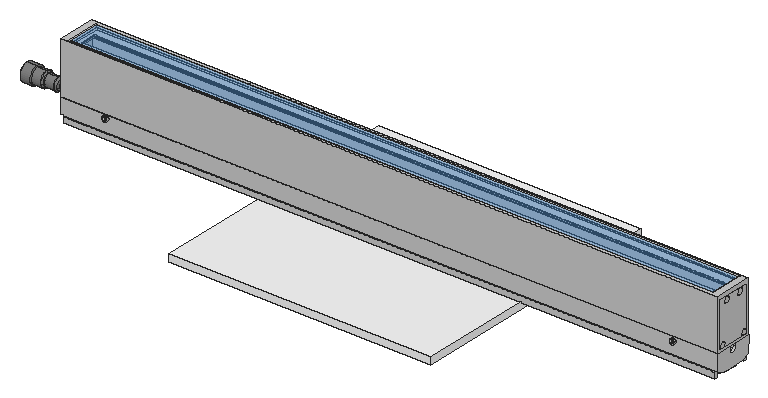
Revit family "BE_77153_de_DE", category Leuchten, Revit 2020
Family settings
  Basisbauteil = Fläche
  Bemaßung runder Anschluss = Durchmesser verwenden
  Teiletyp = Normal
  Beim Laden mit Abzugskörper schneiden = Ja
  Lichtquelle = Ja
  Gemeinsam genutzt = Nein
  Raumberechnungspunkt = Ja
Parameters (values of type "BEGA_77153_Silber_K4")
  built-in parameter 1150104 = 13.686 (stored number, unit not read)
  Wattage = 33.6 W
  Default Elevation = 0 mm
  built-in parameter 1150113 = 1 (stored number, unit not read)
  built-in parameter 1114218 = 1 (stored number, unit not read)
  Umgebungstemperatur = "25 °C"
  URL = "https://www.bega.com/de/produkt/77153"
  Typenkommentare = "© 2022 BEGA. Wir behalten uns das Recht vor, technische Änderungen ohne vorherige Ankündigung vorzunehmen."  # constant formula
  Type Image = 77153.png
  built-in parameter 1150134 = 12
  built-in parameter 1150109 = 1 (stored number, unit not read)
  Strom = ""
  built-in parameter 1150110 = 1 (stored number, unit not read)
  Spannung = 239.996 V
  Sonderanfertigung = no
  Sockeltyp = ""
  Sockelanzahl = ""
  Seriennummer [instance] = "Hier können Sie die eindeutige Seriennummer für das Facility Management eintragen."
  Schutzklasse = "I"
  Schutzart = "IP 65"
  Scheinlast = 0 VA
  Produktdatenblatt = "https://cdn.bega.com/bega/products/77153AK3/current/documents/data-sheets/de"
  Oberflächentemperatur = ""
  Neigungswinkel = 0.00°
  Modell = "77153AK4"
  Material_18 = BEGA_Gummi_schwarz
  Material_17 = BEGA_Reflektor
  Material_15 = BEGA_Leuchtmedium_matt
  Material_11 = BEGA_Glas_opal
  Material_10 = BEGA_Glas_matt
  Material_09 = BEGA_Glas_klar
  Material_06 = BEGA_Oberfläche_Edelstahl_gebürstet
  Material_04 = BEGA_Kunststoff_Grafit_matt
  Material_03 = BEGA_Oberfläche_Weiss_matt
  Material_02 = BEGA_Oberfläche_Silber_matt
  Material_01 [instance] = BEGA_Oberfläche_Grafit_matt
  M_W = no
  M_G = no
  M_A = yes
  Logo = 0
  built-in parameter 1114217 = 1 (stored number, unit not read)
  built-in parameter 1150139 = (empty or 0)
  built-in parameter 1150105 = 393.9 (stored number, unit not read)
  built-in parameter 1150114 = 1 (stored number, unit not read)
  Lumens = 4949.95 lm
  built-in parameter 1150115 = 1 (stored number, unit not read)
  Leuchtenlichtstrom = "2815 lm"
  Leuchtenanzahl = ""
  Lebensdauerkriterien = "L70B50 @ 25 °C = 200000 h"
  Lastklassifizierung = Beleuchtung
  built-in parameter 1150112 = 1 (stored number, unit not read)
  Lampenlichtstrom = "5020 lm"
  Lampe = "LED 25.2 W"
  LED_Modulbezeichnung = "2x LED-0928/840"
  built-in parameter 1150142 = (empty or 0)
  Hersteller = "BEGA"  # constant formula
  Halbstreuwinkel = ""
  Gewicht = "5.5 kg"
  Gebrauchslageneinschränkung [instance] = ""
  Frequenz = "0/50-60 Hz"
  Farbwiedergabeindex = "CRI > 80"
  Farbtemperaturverschiebung bei Dämpfen der Lampe = <Keine Auswahl>
  Farbtemperatur = "4000 K"
  Color Filter = 16777215
  built-in parameter 1150133 = 10 (stored number, unit not read)
  Energieeffizienzklasse = "LED A++ - A"
  built-in parameter 1150137 = (empty or 0)
  built-in parameter 1150132 = (empty or 0)
  ENEC = "ja"
  Dimmbar [instance] = "DALI"
  Datei für fotometrisches Netz = "BE_77153K4.IES"
  CE_Konformität = "ja"
  Bestellnummer = "77153AK4"
  Beschreibung_Sonderanfertigung = "Hier können Sie Informationen zur Sonderanfertigung eintragen."
  Beschreibung = "Fassadenscheinwerfer"
  built-in parameter 1150106 = 3.939 (stored number, unit not read)
  Befestigungsbohrung = "Ø 7 mm"
  Befestigungsabstand = "875 mm"
  Ballwurfsicher = ""
  BEGA_Intern_aus = yes
  BEGA_Intern_an = yes
  BEGA_Intern_Konstruktion = yes
  BEGA_Intern = yes
  BEGA_IES = yes
  BEGA_Dummy = no
  Anschlussleitung = "0.5 m X05BQ-F 5 G 1 mm²"
  Anschlussleistung [instance] = "28 W"
  Anschlusskasten = ""
  built-in parameter 1150107 = 4000 (stored number, unit not read)
  built-in parameter 1150102 = (empty or 0)
  built-in parameter 1150138 = (empty or 0)
  Aktualisierung = "2022-05-19T04:00:07"
  Abstand_zur_angestrahlten_Fläche [instance] = ""
  AC/DC = "AC/DC"
Types (4, lengths in mm): name | built-in parameter 1150104 | built-in parameter 1150134 | Modell | M_G | M_A | built-in parameter 1150105 | Lumens | Leuchtenlichtstrom | Lampenlichtstrom | LED_Modulbezeichnung | Farbtemperatur | Datei für fotometrisches Netz | Bestellnummer | built-in parameter 1150106 | built-in parameter 1150107
  BEGA_77153_Silber_K4 | 13.686 (stored number, unit not read) | 12 | "77153AK4" | no | yes | 393.9 (stored number, unit not read) | 4949.95 lm | "2815 lm" | "5020 lm" | "2x LED-0928/840" | "4000 K" | "BE_77153K4.IES" | "77153AK4" | 3.939 (stored number, unit not read) | 4000 (stored number, unit not read)
  BEGA_77153_Grafit_K4 | 13.686 (stored number, unit not read) | 12 | "77153K4" | yes | no | 393.9 (stored number, unit not read) | 4949.95 lm | "2815 lm" | "5020 lm" | "2x LED-0928/840" | "4000 K" | "BE_77153K4.IES" | "77153K4" | 3.939 (stored number, unit not read) | 4000 (stored number, unit not read)
  BEGA_77153_Silber_K3 | 12.525 (stored number, unit not read) | (empty or 0) | "77153AK3" | no | yes | 360.48 (stored number, unit not read) | 4529.95 lm | "2743 lm" | "4890 lm" | "2x LED-0928/830" | "3000 K" | "BE_77153K3.IES" | "77153AK3" | 3.6048 (stored number, unit not read) | 3000 (stored number, unit not read)
  BEGA_77153_Grafit_K3 | 12.525 (stored number, unit not read) | (empty or 0) | "77153K3" | yes | no | 360.48 (stored number, unit not read) | 4529.95 lm | "2743 lm" | "4890 lm" | "2x LED-0928/830" | "3000 K" | "BE_77153K3.IES" | "77153K3" | 3.6048 (stored number, unit not read) | 3000 (stored number, unit not read)
Reference planes
  plane 1 "Mitte (Vorne/Hinten)": y = 0
  plane 2: z = 0
  plane 3 "Mitte (Links/Rechts)": x = 0
  plane 4 "Links": x = -500
  plane 5 "Rechts": x = 500
  plane 6 "Unten": y = -29
  plane 7 "Oben": y = 29
  plane 8 "Vorne": z = 113.3
  plane 9 "Hinten": z = 0
Forms (mm)
  Extrusion 1, solid, material "BEGA_Platte_Weiss"
    sketch origin (0, -1119.2, 0) x (1, 0, 0) y (0, 1, 0)
      loop
        line (-200, 1319.2) -> (-200, 919.2) -> (200, 919.2) -> (200, 1319.2) -> (-200, 1319.2)
    from 0 to -10
  Extrusion 2, solid, material "BEGA_Dummy_matt", visible <- "BEGA_Dummy"
    sketch origin (80.095, -76.023, 0) x (1, 0, 0) y (0, 1, 0)
      loop
        line (-580.095, 105.023) -> (-580.095, 47.023) -> (419.905, 47.023) -> (419.905, 105.023) -> (-580.095, 105.023)
    from 0 to 113.3
Dimensions and locks
  plane 1 "Mitte (Vorne/Hinten)" to Extrusion 1 = 200 mm
  aligned and locked: plane 2 to Extrusion 1
  aligned and locked: level to Extrusion 1
Nested families
  nested 1: "BE_77153_Scheinwerfer" at (0, 0, 0), type "BE_77153_Scheinwerfer"
Connectors
  electrical at (0, 0, 0), driven by "Lastklassifizierung", driven by "Spannung", driven by "Scheinlast"
    settings: index 1, voltage 239.996 V, apparent load 0 VA, apparent load phase1 0 VA, apparent load phase2 0 VA, apparent load phase3 0 VA, power factor 1, load classification "Beleuchtung", number of poles 1, system type 31, power factor state 1, is connector primary yes, connector utility no, sub classification motor no, connector description ""
Definition of nested family "BE_77153_Scheinwerfer"
  Parameters (values of type "BE_77153_Scheinwerfer")
    Default Elevation = 1 mm
    URL = "http://www.bega.de/de/produkt"
    Type Comments = "© 2015 BEGA. Wir behalten uns das Recht vor, technische Änderungen ohne vorherige Ankündigung vorzunehmen. "  # constant formula
    Type Image = (empty or 0)
    Material_18 = none
    Material_17 = none
    Material_15 = none
    Material_11 = none
    Material_10 = none
    Material_09 = none
    Material_06 = none
    Material_04 = none
    Material_03 = none
    Material_02 = none
    Material_01 = none
    M_W = yes
    M_G = yes
    M_A = yes
    Länge_Platte = 1200 mm  # constant formula
    Höhe_Platte = -10 mm  # constant formula
    Manufacturer = "BEGA"  # constant formula
    Breite_Platte = 200 mm  # constant formula
  Reference planes
    plane 1 "Mitte (Oben/Unten)": y = 0
    plane 2: z = 0
    plane 3 "Mitte (Links/Rechts)": x = 0
    plane 4: z = 113.3
    plane 5: y = -29
    plane 6: y = 29
    plane 7: x = -581.9
    plane 8: x = 500
  Forms (mm)
    Extrusion 1, solid, detail levels medium
      sketch origin (0, 0, 0) x (1, 0, 0) y (0, 1, 0)
        loop
          line (-600, 100) -> (-600, -100) -> (600, -100) -> (600, 100) -> (-600, 100)
      from 0 to -10 <- "Höhe_Platte"
    Extrusion 2, solid, material <- "Material_01", visible <- "M_G", detail levels medium+fine
      sketch origin (0, 0, 0) x (0, 1, 0) y (0, 0, 1)
        loop
          line (-29, 0) -> (-26.3, 0) -> (-26.3, 4.91)
          arc (-26.3, 4.91) -> (-26.086, 5.32) -> (-25.627, 5.379) r 0.5
          arc (-25.627, 5.379) -> (-17.92, 3.003) -> (-10, 1.479) r 74
          line (-10, 1.479) -> (-10, 0.2) -> (10, 0.2) -> (10, 1.482)
          arc (10, 1.482) -> (17.921, 3.006) -> (25.629, 5.383) r 73.998
          arc (25.629, 5.383) -> (26.086, 5.326) -> (26.299, 4.918) r 0.497
          line (26.299, 4.918) -> (26.299, 0) -> (29, 0) -> (29, 8.899)
          arc (29, 8.899) -> (28.775, 9.317) -> (28.302, 9.358) r 0.5
          arc (28.302, 9.358) -> (0, 3.5) -> (-28.301, 9.358) r 71.3
          arc (-28.301, 9.358) -> (-28.774, 9.317) -> (-29, 8.899) r 0.5
          line (-29, 8.899) -> (-29, 0)
      from -496 to 496
    Extrusion 3, solid, material <- "Material_01", visible <- "M_G", detail levels medium+fine
      sketch origin (0, 0, 0) x (0, 1, 0) y (0, 0, 1)
        loop
          arc (-29, 9.993) -> (0, 3.8) -> (29, 9.993) r 71
          line (29, 9.993) -> (29, 34.8) -> (25.401, 34.8) -> (25.401, 12.395)
          arc (25.401, 12.395) -> (0, 7.696) -> (-25.401, 12.395) r 71
          line (-25.401, 12.395) -> (-25.401, 34.8) -> (-29, 34.8) -> (-29, 9.993)
      from -496 to 496
    Sweep 4, solid, material <- "Material_01", visible <- "M_G", detail levels medium+fine
      path origin (0, 0, 0) x (1, 0, 0) y (0, 1, 0)
        loop
          line (-500, 29) -> (-500, -29) -> (500, -29) -> (500, 29) -> (-500, 29)
      profile origin (-500, 0, 0) x (1, 0, 0) y (0, 0, 1)
        loop
          line (0, 113.3) -> (0, 34.8) -> (11, 34.8) -> (11, 40.679) -> (3.5, 40.679) -> (3.5, 103.406) -> (17.035, 103.406)
          arc (17.035, 103.406) -> (17.719, 103.711) -> (18, 104.406) r 1
          line (18, 104.406) -> (18, 105.896)
          arc (18, 105.896) -> (17.713, 106.596) -> (17.017, 106.895) r 1
          line (17.017, 106.895) -> (11.125, 106.895) -> (8.794, 113.3) -> (0, 113.3)
    Extrusion 5, void
      sketch origin (239, 0, 0) x (1, 0, 0) y (0, 0, 1)
        loop
          line (261, 37.756) -> (261, 107.746) -> (258.218, 107.746) -> (258.218, 37.756) -> (261, 37.756)
      from -26.267 to 26.244
    Extrusion 6, solid, material <- "Material_01", visible <- "M_G", detail levels medium+fine
      sketch origin (239, 0, 0) x (1, 0, 0) y (0, 0, 1)
        loop
          line (261, 106.748) -> (258.218, 106.748) -> (258.218, 38.353) -> (261, 38.353) -> (261, 106.748)
      from -25.5 to 25.5
    Extrusion 7, solid, material <- "Material_01", visible <- "M_G", detail levels medium+fine
      sketch origin (0, 0, 0) x (0, 1, 0) y (0, 0, 1)
        loop
          line (-29, 34.8) -> (-29, 9.993)
          arc (-29, 9.993) -> (0, 3.8) -> (29, 9.993) r 71
          line (29, 9.993) -> (29, 34.8) -> (6, 34.8) -> (6, 29.8)
          arc (6, 29.8) -> (0, 23.8) -> (-6, 29.8) r 6
          line (-6, 29.8) -> (-6, 34.8) -> (-29, 34.8)
      from 496 to 500
    Extrusion 8, solid, material <- "Material_01", visible <- "M_G", detail levels medium+fine
      sketch origin (-239, 0, 0) x (0, 1, 0) y (0, 0, -1)
        loop
          line (-29, -34.8) -> (-6, -34.8) -> (-6, -29.8)
          arc (-6, -29.8) -> (0, -23.8) -> (6, -29.8) r 6
          line (6, -29.8) -> (6, -34.8) -> (29, -34.8) -> (29, -10.487)
          arc (29, -10.487) -> (0, -4.294) -> (-29, -10.487) r 71
          line (-29, -10.487) -> (-29, -34.8)
      from 257 to 261
    Extrusion 9, void
      sketch origin (0, 0, 0) x (1, 0, 0) y (0, 1, 0)
        loop
          circle (0, 0) r 7.5
        loop
          circle (-440, 0) r 3.5
        loop
          circle (440, 0) r 3.5
      from 0 to 10
    Revolve 10, solid, material <- "Material_01", visible <- "M_G", detail levels medium+fine
      sketch origin (-432, 0, 0) x (0, 1, 0) y (0, 0, 1)
        loop
          line (-31.453, 32.75) -> (-31.453, 31.8) -> (-27.5, 31.8) -> (-27.5, 32.75) -> (-31.453, 32.75)
        axis (-31.453, 28.8) -> (-27.5, 28.8)
      angle from 0 to 360
    Revolve 11, solid, material <- "Material_01", visible <- "M_G", detail levels medium+fine
      sketch origin (432, 0, 0) x (0, 1, 0) y (0, 0, -1)
        loop
          line (-31.453, -32.75) -> (-27.5, -32.75) -> (-27.5, -31.8) -> (-31.453, -31.8) -> (-31.453, -32.75)
        axis (-31.453, -28.8) -> (-27.5, -28.8)
      angle from 0 to 360
    Revolve 12, solid, material <- "Material_06", detail levels fine
      sketch origin (-432, 0, 0) x (0, 1, 0) y (0, 0, 1)
        loop
          line (-30.053, 31.8) -> (-30.053, 28.8) -> (-26.193, 28.8) -> (-26.193, 31.8) -> (-30.053, 31.8)
        axis (-30.053, 28.8) -> (-26.193, 28.8)
      angle from 0 to 360
    Revolve 13, solid, material <- "Material_06", detail levels fine
      sketch origin (432, 0, 0) x (0, 1, 0) y (0, 0, -1)
        loop
          line (-30.053, -31.8) -> (-26.193, -31.8) -> (-26.193, -28.8) -> (-30.053, -28.8) -> (-30.053, -31.8)
        axis (-30.053, -28.8) -> (-26.193, -28.8)
      angle from 0 to 360
    Revolve 14, solid, material <- "Material_04", detail levels medium+fine
      sketch origin (-239, 0, 0) x (1, 0, 0) y (0, 0, 1)
        loop
          line (-320.8, 43.3) -> (-335.5, 43.3) -> (-336.7, 42.1) -> (-336.7, 32.8) -> (-342.9, 32.8) -> (-342.9, 29.8) -> (-260.5, 29.8) -> (-260.5, 34.15) -> (-284, 34.15) -> (-284, 37.8) -> (-287, 39.3) -> (-288, 39.3)
          arc (-288, 39.3) -> (-288.146, 38.947) -> (-288.5, 38.8) r 0.5
          line (-288.5, 38.8) -> (-302.464, 38.8)
          arc (-302.464, 38.8) -> (-303.418, 38.99) -> (-304.228, 39.528) r 2.5
          line (-304.228, 39.528) -> (-305.707, 41.008)
          arc (-305.707, 41.008) -> (-306.032, 41.224) -> (-306.414, 41.3) r 1
          line (-306.414, 41.3) -> (-320, 41.3) -> (-320, 39.8) -> (-320.8, 39.8) -> (-320.8, 43.3)
        axis (-342.9, 29.8) -> (-260.5, 29.8)
      angle from 0 to 360
    Revolve 15, void
      sketch origin (239, -12.5, -0.101) x (1, 0, 0) y (0, 0, 1)
        loop
          line (261.225, 106.482) -> (258.494, 103.752) -> (258.494, 101.902) -> (261.225, 101.902) -> (261.225, 106.482)
        axis (258.494, 101.902) -> (261.225, 101.902)
      angle from 0 to 360
    Revolve 16, void
      sketch origin (239, 12.5, -0.101) x (1, 0, 0) y (0, 0, -1)
        loop
          line (261.225, -106.482) -> (261.225, -101.902) -> (258.494, -101.902) -> (258.494, -103.752) -> (261.225, -106.482)
        axis (258.494, -101.902) -> (261.225, -101.902)
      angle from 0 to 360
    Revolve 17, void
      sketch origin (239, -20.5, -58.602) x (1, 0, 0) y (0, 0, 1)
        loop
          line (261.225, 106.482) -> (258.494, 103.752) -> (258.494, 101.902) -> (261.225, 101.902) -> (261.225, 106.482)
        axis (258.494, 101.902) -> (261.225, 101.902)
      angle from 0 to 360
    Revolve 18, void
      sketch origin (239, 20.5, -58.602) x (1, 0, 0) y (0, 0, -1)
        loop
          line (261.225, -106.482) -> (261.225, -101.902) -> (258.494, -101.902) -> (258.494, -103.752) -> (261.225, -106.482)
        axis (258.494, -101.902) -> (261.225, -101.902)
      angle from 0 to 360
    Extrusion 19, solid, material <- "Material_06", detail levels fine
      sketch origin (239.494, 0, 0) x (0, 1, 0) y (0, 0, 1)
        loop
          circle (-12.5, 101.8) r 4.009
        loop
          circle (12.5, 101.8) r 4.009
        loop
          circle (-20.5, 43.3) r 4.009
        loop
          circle (20.5, 43.3) r 4.009
      from 259.244 to 260.506
    Extrusion 20, solid, material <- "Material_10", detail levels medium+fine
      sketch origin (0, 0, 0) x (1, 0, 0) y (0, 0, 1)
        loop
          line (-489.25, 113) -> (-489.25, 109) -> (489.25, 109) -> (489.25, 113) -> (-489.25, 113)
      from -25 to 25
    Sweep 21, void
      path origin (0, 0, 0) x (1, 0, 0) y (0, 1, 0)
        loop
          line (493.606, 29) -> (-493.606, 29) -> (-493.606, -29) -> (493.606, -29) -> (493.606, 29)
      profile origin (0, 29, 0) x (0, -1, 0) y (0, 0, 1)
        loop
          line (12.06, 106.895) -> (9.517, 113.881) -> (2.237, 113.881) -> (4.779, 106.895) -> (12.06, 106.895)
    Extrusion 22, solid, material <- "Material_02", visible <- "M_A", detail levels medium+fine
      sketch origin (0, 0, 0) x (0, 1, 0) y (0, 0, 1)
        loop
          line (-29, 0) -> (-26.3, 0) -> (-26.3, 4.91)
          arc (-26.3, 4.91) -> (-26.086, 5.32) -> (-25.627, 5.379) r 0.5
          arc (-25.627, 5.379) -> (-17.92, 3.003) -> (-10, 1.479) r 74
          line (-10, 1.479) -> (-10, 0.2) -> (10, 0.2) -> (10, 1.482)
          arc (10, 1.482) -> (17.921, 3.006) -> (25.629, 5.383) r 73.998
          arc (25.629, 5.383) -> (26.086, 5.326) -> (26.299, 4.918) r 0.497
          line (26.299, 4.918) -> (26.299, 0) -> (29, 0) -> (29, 8.899)
          arc (29, 8.899) -> (28.775, 9.317) -> (28.302, 9.358) r 0.5
          arc (28.302, 9.358) -> (0, 3.5) -> (-28.301, 9.358) r 71.3
          arc (-28.301, 9.358) -> (-28.774, 9.317) -> (-29, 8.899) r 0.5
          line (-29, 8.899) -> (-29, 0)
      from -496 to 496
    Extrusion 23, solid, material <- "Material_02", visible <- "M_A", detail levels medium+fine
      sketch origin (0, 0, 0) x (0, 1, 0) y (0, 0, 1)
        loop
          arc (-29, 9.993) -> (0, 3.8) -> (29, 9.993) r 71
          line (29, 9.993) -> (29, 34.8) -> (25.401, 34.8) -> (25.401, 12.395)
          arc (25.401, 12.395) -> (0, 7.696) -> (-25.401, 12.395) r 71
          line (-25.401, 12.395) -> (-25.401, 34.8) -> (-29, 34.8) -> (-29, 9.993)
      from -496 to 496
    Extrusion 24, solid, material <- "Material_02", visible <- "M_A", detail levels medium+fine
      sketch origin (0, 0, 0) x (0, 1, 0) y (0, 0, 1)
        loop
          line (-29, 34.8) -> (-29, 9.993)
          arc (-29, 9.993) -> (0, 3.8) -> (29, 9.993) r 71
          line (29, 9.993) -> (29, 34.8) -> (6, 34.8) -> (6, 29.8)
          arc (6, 29.8) -> (0, 23.8) -> (-6, 29.8) r 6
          line (-6, 29.8) -> (-6, 34.8) -> (-29, 34.8)
      from 496 to 500
    Extrusion 25, solid, material <- "Material_02", visible <- "M_A", detail levels medium+fine
      sketch origin (-239, 0, 0) x (0, 1, 0) y (0, 0, -1)
        loop
          line (-29, -34.8) -> (-6, -34.8) -> (-6, -29.8)
          arc (-6, -29.8) -> (0, -23.8) -> (6, -29.8) r 6
          line (6, -29.8) -> (6, -34.8) -> (29, -34.8) -> (29, -10.487)
          arc (29, -10.487) -> (0, -4.294) -> (-29, -10.487) r 71
          line (-29, -10.487) -> (-29, -34.8)
      from 257 to 261
    Revolve 26, solid, material <- "Material_02", visible <- "M_A", detail levels medium+fine
      sketch origin (-432, 0, 0) x (0, 1, 0) y (0, 0, 1)
        loop
          line (-31.453, 32.75) -> (-31.453, 31.8) -> (-27.5, 31.8) -> (-27.5, 32.75) -> (-31.453, 32.75)
        axis (-31.453, 28.8) -> (-27.5, 28.8)
      angle from 0 to 360
    Revolve 27, solid, material <- "Material_02", visible <- "M_A", detail levels medium+fine
      sketch origin (432, 0, 0) x (0, 1, 0) y (0, 0, -1)
        loop
          line (-31.453, -32.75) -> (-27.5, -32.75) -> (-27.5, -31.8) -> (-31.453, -31.8) -> (-31.453, -32.75)
        axis (-31.453, -28.8) -> (-27.5, -28.8)
      angle from 0 to 360
    Sweep 28, solid, material <- "Material_02", visible <- "M_A", detail levels medium+fine
      path origin (0, 0, 0) x (1, 0, 0) y (0, 1, 0)
        loop
          line (-500, 29) -> (-500, -29) -> (500, -29) -> (500, 29) -> (-500, 29)
      profile origin (-500, 0, 0) x (1, 0, 0) y (0, 0, 1)
        loop
          line (0, 113.3) -> (0, 34.8) -> (11, 34.8) -> (11, 40.679) -> (3.5, 40.679) -> (3.5, 103.406) -> (17.035, 103.406)
          arc (17.035, 103.406) -> (17.719, 103.711) -> (18, 104.406) r 1
          line (18, 104.406) -> (18, 105.896)
          arc (18, 105.896) -> (17.713, 106.596) -> (17.017, 106.895) r 1
          line (17.017, 106.895) -> (11.125, 106.895) -> (8.794, 113.3) -> (0, 113.3)
    Extrusion 29, solid, material <- "Material_02", visible <- "M_A", detail levels medium+fine
      sketch origin (239.281, 0, 0) x (1, 0, 0) y (0, 0, 1)
        loop
          line (260.719, 106.748) -> (257.938, 106.748) -> (257.938, 38.353) -> (260.719, 38.353) -> (260.719, 106.748)
      from -25.5 to 25.5
  Cuts and joins
    Extrusion 5, Sweep 21 cuts Sweep 4
    Extrusion 9 cuts Extrusion 3
    Extrusion 9 cuts Extrusion 7
    Extrusion 9 cuts Extrusion 8
    joined: Extrusion 3, Extrusion 7, Extrusion 8, Revolve 10, Revolve 11
    Extrusion 9 cuts Extrusion 2
    Revolve 15, Revolve 16, Revolve 17, Revolve 18 cuts Extrusion 6
    Extrusion 9 cuts Extrusion 22
    joined: Extrusion 23, Extrusion 24, Extrusion 25, Revolve 26, Revolve 27
    Extrusion 5, Revolve 16, Sweep 21 cuts Sweep 28
    Revolve 15, Revolve 16, Revolve 17, Revolve 18 cuts Extrusion 29
  Dimensions and locks
    equal spacing: Extrusion 1 sketch curve, plane 3 "Mitte (Links/Rechts)", Extrusion 1 sketch curve
    equal spacing: Extrusion 1 sketch curve, plane 1 "Mitte (Oben/Unten)", Extrusion 1 sketch curve
    "Länge_Platte": Extrusion 1 sketch curve to Extrusion 1 sketch curve
    "Breite_Platte": Extrusion 1 sketch curve to Extrusion 1 sketch curve
    aligned and locked: Extrusion 1 to plane 2
    aligned and locked: level to Extrusion 1
  Automatic sketch dimensions
    Extrusion 2 sketch curve to Extrusion 2 sketch curve = 0 mm  (x5)
    Extrusion 2 sketch curve to level = 0 mm  (x2)
    level to Extrusion 2 sketch curve = 8.899 mm
    plane 1 "Mitte (Oben/Unten)" to Extrusion 2 sketch curve = 29 mm
    Extrusion 2 sketch curve to Extrusion 2 sketch curve = 0.5 mm  (x2)
    Extrusion 2 sketch curve to Extrusion 2 sketch curve = 2.7 mm
    level to Extrusion 2 sketch curve = 0.2 mm
    plane 1 "Mitte (Oben/Unten)" to Extrusion 2 sketch curve = 10 mm
    Extrusion 2 sketch curve to plane 1 "Mitte (Oben/Unten)" = 0 mm  (x2)
    Extrusion 2 sketch curve to plane 1 "Mitte (Oben/Unten)" = 10 mm
    level to Extrusion 2 sketch curve = 4.918 mm
    Extrusion 2 sketch curve to Extrusion 2 sketch curve = 15.802 mm
    Extrusion 2 sketch curve to Extrusion 2 sketch curve = 0.497 mm
    Extrusion 2 sketch curve to Extrusion 2 sketch curve = 2.201 mm
    Extrusion 2 sketch curve to Extrusion 2 sketch curve = 2.701 mm
    Extrusion 2 sketch curve to Extrusion 2 sketch curve = 1.279 mm
    Extrusion 2 sketch curve to Extrusion 2 sketch curve = 1.282 mm
    Extrusion 2 sketch curve to Extrusion 2 sketch curve = 3.989 mm
    Extrusion 2 sketch curve to Extrusion 2 sketch curve = 3.981 mm
    Extrusion 2 sketch curve to Extrusion 2 sketch curve = 65.901 mm
    Extrusion 2 sketch curve to Extrusion 2 sketch curve = 0.002 mm
    Extrusion 2 sketch curve to Extrusion 2 sketch curve = 0.198 mm  (x2)
    Extrusion 3 sketch curve to plane 1 "Mitte (Oben/Unten)" = 0 mm  (x2)
    plane 1 "Mitte (Oben/Unten)" to Extrusion 3 sketch curve = 25.401 mm
    Extrusion 3 sketch curve to Extrusion 3 sketch curve = 3.599 mm  (x2)
    level to Extrusion 3 sketch curve = 12.395 mm
    Extrusion 3 sketch curve to plane 1 "Mitte (Oben/Unten)" = 25.401 mm
    Extrusion 3 sketch curve to Extrusion 3 sketch curve = 2.402 mm
    Extrusion 3 sketch curve to Extrusion 3 sketch curve = 22.405 mm  (x2)
    Extrusion 3 sketch curve to Extrusion 3 sketch curve = 40 mm
    Extrusion 3 sketch curve to Extrusion 3 sketch curve = 3.895 mm
    profile plane to Sweep 4 sketch curve = 0 mm
    Sweep 4 sketch curve to profile plane = 3.5 mm
    Sweep 4 sketch curve to profile plane = 8.794 mm
    Sweep 4 sketch curve to Sweep 4 sketch curve = 7.5 mm
    Sweep 4 sketch curve to Sweep 4 sketch curve = 2.331 mm
    Sweep 4 sketch curve to Sweep 4 sketch curve = 5.875 mm
    Sweep 4 sketch curve to Sweep 4 sketch curve = 0 mm
    Sweep 4 sketch curve to Sweep 4 sketch curve = 0.017 mm
    Sweep 4 sketch curve to Sweep 4 sketch curve = 0.035 mm
    Sweep 4 sketch curve to Sweep 4 sketch curve = 1 mm
    level to Sweep 4 sketch curve = 34.8 mm
    Sweep 4 sketch curve to Sweep 4 sketch curve = 5.878 mm
    Sweep 4 sketch curve to Sweep 4 sketch curve = 62.728 mm
    Sweep 4 sketch curve to Sweep 4 sketch curve = 1.49 mm
    Sweep 4 sketch curve to Sweep 4 sketch curve = 9.894 mm
    level to Extrusion 5 sketch curve = 37.756 mm
    plane 3 "Mitte (Links/Rechts)" to Extrusion 5 sketch curve = 497.218 mm
    Extrusion 5 sketch curve to Extrusion 5 sketch curve = 2.782 mm
    Extrusion 5 sketch curve to Extrusion 5 sketch curve = 69.99 mm
    level to Extrusion 6 sketch curve = 38.353 mm
    plane 3 "Mitte (Links/Rechts)" to Extrusion 6 sketch curve = 497.218 mm
    Extrusion 6 sketch curve to Extrusion 6 sketch curve = 2.782 mm
    Extrusion 6 sketch curve to Extrusion 6 sketch curve = 68.395 mm
    Extrusion 7 sketch curve to plane 1 "Mitte (Oben/Unten)" = 0 mm  (x2)
    plane 1 "Mitte (Oben/Unten)" to Extrusion 7 sketch curve = 6 mm
    Extrusion 7 sketch curve to Extrusion 7 sketch curve = 23 mm
    level to Extrusion 7 sketch curve = 9.993 mm
    Extrusion 7 sketch curve to plane 1 "Mitte (Oben/Unten)" = 29 mm
    level to Extrusion 7 sketch curve = 29.8 mm
    Extrusion 7 sketch curve to Extrusion 7 sketch curve = 5 mm  (x2)
    Extrusion 7 sketch curve to Extrusion 7 sketch curve = 40 mm
    Extrusion 8 sketch curve to plane 1 "Mitte (Oben/Unten)" = 0 mm  (x2)
    plane 1 "Mitte (Oben/Unten)" to Extrusion 8 sketch curve = 6 mm
    Extrusion 8 sketch curve to Extrusion 8 sketch curve = 23 mm
    level to Extrusion 8 sketch curve = 10.487 mm
    Extrusion 8 sketch curve to plane 1 "Mitte (Oben/Unten)" = 29 mm
    level to Extrusion 8 sketch curve = 29.8 mm
    Extrusion 8 sketch curve to Extrusion 8 sketch curve = 5 mm  (x2)
    Extrusion 8 sketch curve to Extrusion 8 sketch curve = 40.494 mm
    plane 1 "Mitte (Oben/Unten)" to Revolve 10 sketch curve = 31.453 mm
    Revolve 10 sketch curve to Revolve 10 sketch curve = 3.953 mm
    level to Revolve 10 sketch curve = 31.8 mm
    Revolve 10 sketch curve to Revolve 10 sketch curve = 0.95 mm
    Revolve 10 sketch curve to Revolve 10 sketch curve = 0.641 mm
    Revolve 10 sketch curve to Revolve 10 sketch curve = 2.294 mm
    Revolve 10 sketch curve to Revolve 10 sketch curve = 3 mm
    plane 1 "Mitte (Oben/Unten)" to Revolve 11 sketch curve = 31.453 mm
    Revolve 11 sketch curve to Revolve 11 sketch curve = 3.953 mm
    level to Revolve 11 sketch curve = 32.75 mm
    Revolve 11 sketch curve to Revolve 11 sketch curve = 0.95 mm
    Revolve 11 sketch curve to Revolve 11 sketch curve = 0.641 mm
    Revolve 11 sketch curve to Revolve 11 sketch curve = 2.294 mm
    Revolve 11 sketch curve to Revolve 11 sketch curve = 3 mm
    plane 1 "Mitte (Oben/Unten)" to Revolve 12 sketch curve = 30.053 mm
    Revolve 12 sketch curve to Revolve 12 sketch curve = 3.861 mm
    level to Revolve 12 sketch curve = 28.8 mm
    Revolve 12 sketch curve to Revolve 12 sketch curve = 3 mm
    Revolve 12 sketch curve to Revolve 12 sketch curve = 1.053 mm
    Revolve 12 sketch curve to Revolve 12 sketch curve = 1.25 mm
    Revolve 12 sketch curve to Revolve 12 sketch curve = 0 mm
    plane 1 "Mitte (Oben/Unten)" to Revolve 13 sketch curve = 30.053 mm
    Revolve 13 sketch curve to Revolve 13 sketch curve = 3.861 mm
    level to Revolve 13 sketch curve = 31.8 mm
    Revolve 13 sketch curve to Revolve 13 sketch curve = 3 mm
    Revolve 13 sketch curve to Revolve 13 sketch curve = 1.053 mm
    Revolve 13 sketch curve to Revolve 13 sketch curve = 1.25 mm
    Revolve 13 sketch curve to Revolve 13 sketch curve = 0 mm
    level to Revolve 14 sketch curve = 29.8 mm
    Revolve 14 sketch curve to plane 3 "Mitte (Links/Rechts)" = 581.9 mm
    level to Revolve 14 sketch curve = 42.1 mm
    Revolve 14 sketch curve to Revolve 14 sketch curve = 6.2 mm
    level to Revolve 14 sketch curve = 43.3 mm
    Revolve 14 sketch curve to Revolve 14 sketch curve = 1.2 mm
    Revolve 14 sketch curve to Revolve 14 sketch curve = 14.7 mm
    Revolve 14 sketch curve to Revolve 14 sketch curve = 0.8 mm
    Revolve 14 sketch curve to Revolve 14 sketch curve = 13.586 mm
    level to Revolve 14 sketch curve = 39.528 mm
    Revolve 14 sketch curve to Revolve 14 sketch curve = 2.187 mm
    Revolve 14 sketch curve to Revolve 14 sketch curve = 1.763 mm
    Revolve 14 sketch curve to Revolve 14 sketch curve = 13.964 mm
    Revolve 14 sketch curve to Revolve 14 sketch curve = 0.5 mm
    Revolve 14 sketch curve to Revolve 14 sketch curve = 1 mm  (x2)
    level to Revolve 14 sketch curve = 37.8 mm
    Revolve 14 sketch curve to Revolve 14 sketch curve = 3 mm  (x2)
    Revolve 14 sketch curve to Revolve 14 sketch curve = 23.5 mm
    Revolve 14 sketch curve to Revolve 14 sketch curve = 4.35 mm
    Revolve 14 sketch curve to Revolve 14 sketch curve = 3.5 mm
    Revolve 14 sketch curve to Revolve 14 sketch curve = 0.772 mm
    Revolve 14 sketch curve to Revolve 14 sketch curve = 1.5 mm
    Revolve 14 sketch curve to Revolve 14 sketch curve = 0.707 mm
    level to Revolve 14 sketch curve = 41.008 mm
    Revolve 14 sketch curve to Revolve 14 sketch curve = 0 mm
    Revolve 14 sketch curve to Revolve 14 sketch curve = 3.702 mm
    Revolve 14 sketch curve to Revolve 14 sketch curve = 7.729 mm
    Revolve 14 sketch curve to Revolve 14 sketch curve = 9 mm
    level to Revolve 15 sketch curve = 101.8 mm
    plane 3 "Mitte (Links/Rechts)" to Revolve 15 sketch curve = 497.494 mm
    Revolve 15 sketch curve to Revolve 15 sketch curve = 2.731 mm  (x2)
    Revolve 15 sketch curve to Revolve 15 sketch curve = 1.85 mm
    Revolve 15 sketch curve to Revolve 15 sketch curve = 0 mm  (x2)
    Revolve 15 sketch curve to Revolve 15 sketch curve = 1.225 mm
    level to Revolve 16 sketch curve = 101.8 mm
    plane 3 "Mitte (Links/Rechts)" to Revolve 16 sketch curve = 497.494 mm
    Revolve 16 sketch curve to Revolve 16 sketch curve = 2.731 mm  (x2)
    Revolve 16 sketch curve to Revolve 16 sketch curve = 1.85 mm
    Revolve 16 sketch curve to Revolve 16 sketch curve = 0 mm  (x2)
    Revolve 16 sketch curve to Revolve 16 sketch curve = 1.225 mm
    level to Revolve 17 sketch curve = 43.3 mm
    plane 3 "Mitte (Links/Rechts)" to Revolve 17 sketch curve = 497.494 mm
    Revolve 17 sketch curve to Revolve 17 sketch curve = 2.731 mm  (x2)
    Revolve 17 sketch curve to Revolve 17 sketch curve = 1.85 mm
    Revolve 17 sketch curve to Revolve 17 sketch curve = 0 mm  (x2)
    Revolve 17 sketch curve to Revolve 17 sketch curve = 1.225 mm
    level to Revolve 18 sketch curve = 43.3 mm
    plane 3 "Mitte (Links/Rechts)" to Revolve 18 sketch curve = 497.494 mm
    Revolve 18 sketch curve to Revolve 18 sketch curve = 2.731 mm  (x2)
    Revolve 18 sketch curve to Revolve 18 sketch curve = 1.85 mm
    Revolve 18 sketch curve to Revolve 18 sketch curve = 0 mm  (x2)
    Revolve 18 sketch curve to Revolve 18 sketch curve = 1.225 mm
    plane 1 "Mitte (Oben/Unten)" to Extrusion 19 sketch curve = 20.5 mm
    plane 1 "Mitte (Oben/Unten)" to Extrusion 19 sketch curve = 12.5 mm
    Extrusion 19 sketch curve to plane 1 "Mitte (Oben/Unten)" = 12.5 mm
    Extrusion 19 sketch curve to plane 1 "Mitte (Oben/Unten)" = 20.5 mm
    level to Extrusion 19 sketch curve = 43.3 mm
    Extrusion 19 sketch curve to Extrusion 19 sketch curve = 0 mm  (x2)
    Extrusion 19 sketch curve to Extrusion 19 sketch curve = 58.5 mm
    level to Extrusion 20 sketch curve = 109 mm
    Extrusion 20 sketch curve to plane 3 "Mitte (Links/Rechts)" = 489.25 mm
    plane 3 "Mitte (Links/Rechts)" to Extrusion 20 sketch curve = 489.25 mm
    Extrusion 20 sketch curve to Extrusion 20 sketch curve = 4 mm
    Sweep 21 sketch curve to profile plane = 2.237 mm
    Sweep 21 sketch curve to profile plane = 4.779 mm
    Sweep 21 sketch curve to Sweep 21 sketch curve = 7.28 mm  (x2)
    level to Sweep 21 sketch curve = 106.895 mm
    Sweep 21 sketch curve to Sweep 21 sketch curve = 6.985 mm
    Extrusion 22 sketch curve to Extrusion 22 sketch curve = 0 mm  (x5)
    Extrusion 22 sketch curve to level = 0 mm  (x2)
    level to Extrusion 22 sketch curve = 8.899 mm
    plane 1 "Mitte (Oben/Unten)" to Extrusion 22 sketch curve = 29 mm
    Extrusion 22 sketch curve to Extrusion 22 sketch curve = 0.5 mm  (x2)
    Extrusion 22 sketch curve to Extrusion 22 sketch curve = 2.7 mm
    level to Extrusion 22 sketch curve = 0.2 mm
    plane 1 "Mitte (Oben/Unten)" to Extrusion 22 sketch curve = 10 mm
    Extrusion 22 sketch curve to plane 1 "Mitte (Oben/Unten)" = 0 mm  (x2)
    Extrusion 22 sketch curve to plane 1 "Mitte (Oben/Unten)" = 10 mm
    level to Extrusion 22 sketch curve = 4.918 mm
    Extrusion 22 sketch curve to Extrusion 22 sketch curve = 15.802 mm
    Extrusion 22 sketch curve to Extrusion 22 sketch curve = 0.497 mm
    Extrusion 22 sketch curve to Extrusion 22 sketch curve = 2.201 mm
    Extrusion 22 sketch curve to Extrusion 22 sketch curve = 2.701 mm
    Extrusion 22 sketch curve to Extrusion 22 sketch curve = 1.279 mm
    Extrusion 22 sketch curve to Extrusion 22 sketch curve = 1.282 mm
    Extrusion 22 sketch curve to Extrusion 22 sketch curve = 3.989 mm
    Extrusion 22 sketch curve to Extrusion 22 sketch curve = 3.981 mm
    Extrusion 22 sketch curve to Extrusion 22 sketch curve = 65.901 mm
    Extrusion 22 sketch curve to Extrusion 22 sketch curve = 0.002 mm
    Extrusion 22 sketch curve to Extrusion 22 sketch curve = 0.198 mm  (x2)
    Extrusion 23 sketch curve to plane 1 "Mitte (Oben/Unten)" = 0 mm  (x2)
    plane 1 "Mitte (Oben/Unten)" to Extrusion 23 sketch curve = 25.401 mm
    Extrusion 23 sketch curve to Extrusion 23 sketch curve = 3.599 mm  (x2)
    level to Extrusion 23 sketch curve = 12.395 mm
    Extrusion 23 sketch curve to plane 1 "Mitte (Oben/Unten)" = 25.401 mm
    Extrusion 23 sketch curve to Extrusion 23 sketch curve = 2.402 mm
    Extrusion 23 sketch curve to Extrusion 23 sketch curve = 22.405 mm  (x2)
    Extrusion 23 sketch curve to Extrusion 23 sketch curve = 40 mm
    Extrusion 23 sketch curve to Extrusion 23 sketch curve = 3.895 mm
    Extrusion 24 sketch curve to plane 1 "Mitte (Oben/Unten)" = 0 mm  (x2)
    plane 1 "Mitte (Oben/Unten)" to Extrusion 24 sketch curve = 6 mm
    Extrusion 24 sketch curve to Extrusion 24 sketch curve = 23 mm
    level to Extrusion 24 sketch curve = 9.993 mm
    Extrusion 24 sketch curve to plane 1 "Mitte (Oben/Unten)" = 29 mm
    level to Extrusion 24 sketch curve = 29.8 mm
    Extrusion 24 sketch curve to Extrusion 24 sketch curve = 5 mm  (x2)
    Extrusion 24 sketch curve to Extrusion 24 sketch curve = 40 mm
    Extrusion 25 sketch curve to plane 1 "Mitte (Oben/Unten)" = 0 mm  (x2)
    plane 1 "Mitte (Oben/Unten)" to Extrusion 25 sketch curve = 6 mm
    Extrusion 25 sketch curve to Extrusion 25 sketch curve = 23 mm
    level to Extrusion 25 sketch curve = 10.487 mm
    Extrusion 25 sketch curve to plane 1 "Mitte (Oben/Unten)" = 29 mm
    level to Extrusion 25 sketch curve = 29.8 mm
    Extrusion 25 sketch curve to Extrusion 25 sketch curve = 5 mm  (x2)
    Extrusion 25 sketch curve to Extrusion 25 sketch curve = 40.494 mm
    plane 1 "Mitte (Oben/Unten)" to Revolve 26 sketch curve = 31.453 mm
    Revolve 26 sketch curve to Revolve 26 sketch curve = 3.953 mm
    level to Revolve 26 sketch curve = 31.8 mm
    Revolve 26 sketch curve to Revolve 26 sketch curve = 0.95 mm
    Revolve 26 sketch curve to Revolve 26 sketch curve = 0.641 mm
    Revolve 26 sketch curve to Revolve 26 sketch curve = 2.294 mm
    Revolve 26 sketch curve to Revolve 26 sketch curve = 3 mm
    plane 1 "Mitte (Oben/Unten)" to Revolve 27 sketch curve = 31.453 mm
    Revolve 27 sketch curve to Revolve 27 sketch curve = 3.953 mm
    level to Revolve 27 sketch curve = 32.75 mm
    Revolve 27 sketch curve to Revolve 27 sketch curve = 0.95 mm
    Revolve 27 sketch curve to Revolve 27 sketch curve = 0.641 mm
    Revolve 27 sketch curve to Revolve 27 sketch curve = 2.294 mm
    Revolve 27 sketch curve to Revolve 27 sketch curve = 3 mm
    profile plane to Sweep 28 sketch curve = 0 mm
    Sweep 28 sketch curve to profile plane = 3.5 mm
    Sweep 28 sketch curve to profile plane = 8.794 mm
    Sweep 28 sketch curve to Sweep 28 sketch curve = 7.5 mm
    Sweep 28 sketch curve to Sweep 28 sketch curve = 2.331 mm
    Sweep 28 sketch curve to Sweep 28 sketch curve = 5.875 mm
    Sweep 28 sketch curve to Sweep 28 sketch curve = 0 mm
    Sweep 28 sketch curve to Sweep 28 sketch curve = 0.017 mm
    Sweep 28 sketch curve to Sweep 28 sketch curve = 0.035 mm
    Sweep 28 sketch curve to Sweep 28 sketch curve = 1 mm
    level to Sweep 28 sketch curve = 34.8 mm
    Sweep 28 sketch curve to Sweep 28 sketch curve = 5.878 mm
    Sweep 28 sketch curve to Sweep 28 sketch curve = 62.728 mm
    Sweep 28 sketch curve to Sweep 28 sketch curve = 1.49 mm
    Sweep 28 sketch curve to Sweep 28 sketch curve = 9.894 mm
    level to Extrusion 29 sketch curve = 38.353 mm
    plane 3 "Mitte (Links/Rechts)" to Extrusion 29 sketch curve = 497.218 mm
    Extrusion 29 sketch curve to Extrusion 29 sketch curve = 2.782 mm
    Extrusion 29 sketch curve to Extrusion 29 sketch curve = 68.395 mm
    Sweep 28 sketch curve to plane 5 = 0 mm
    Sweep 28 sketch curve to plane 6 = 0 mm
    Sweep 4 sketch curve to plane 5 = 0 mm
    Sweep 4 sketch curve to plane 6 = 0 mm
    Sweep 21 sketch curve to plane 6 = 0 mm
    Sweep 21 sketch curve to plane 5 = 0 mm
    Extrusion 9 sketch curve to plane 1 "Mitte (Oben/Unten)" = 0 mm
    plane 1 "Mitte (Oben/Unten)" to Extrusion 9 sketch curve = 0 mm  (x2)
    Extrusion 9 sketch curve to plane 3 "Mitte (Links/Rechts)" = 0 mm
    Sweep 4 sketch curve to plane 3 "Mitte (Links/Rechts)" = 500 mm
    Extrusion 9 sketch curve to Extrusion 9 sketch curve = 440 mm
    Sweep 21 sketch curve to plane 3 "Mitte (Links/Rechts)" = 493.606 mm
    Sweep 28 sketch curve to plane 3 "Mitte (Links/Rechts)" = 500 mm
    plane 3 "Mitte (Links/Rechts)" to Sweep 4 sketch curve = 500 mm
    plane 3 "Mitte (Links/Rechts)" to Extrusion 9 sketch curve = 440 mm
    plane 3 "Mitte (Links/Rechts)" to Sweep 21 sketch curve = 493.606 mm
    plane 3 "Mitte (Links/Rechts)" to Sweep 28 sketch curve = 500 mm
    radius of Extrusion 19 sketch curve = 4.009 mm  (x4)
    radius of Extrusion 9 sketch curve = 7.5 mm
    radius of Extrusion 9 sketch curve = 3.5 mm  (x2)
